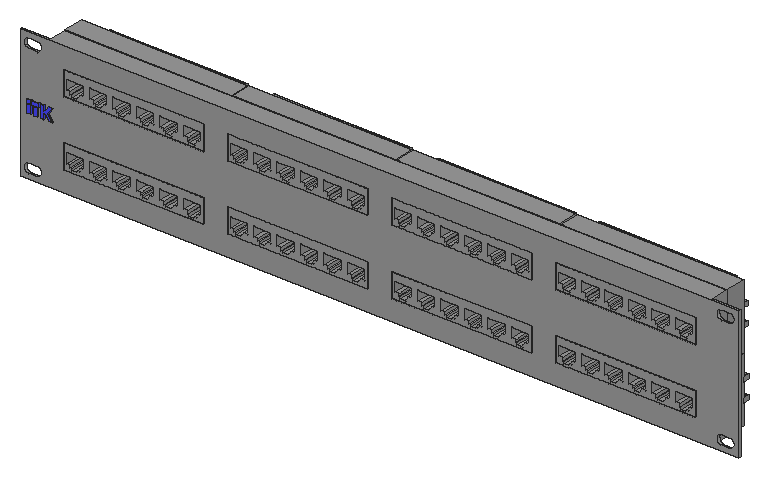
Revit family "ITK_Патч-панель_19-дюймовое крепление_2U_категория 6", category Обобщенные модели, Revit 2019
Family settings
  Может служить основой для арматурных стержней = Нет
  Размер круглого соединителя = Использовать диаметр
  Тип детали = Нормальный
  На основе рабочей плоскости = Нет
  Всегда вертикально = Да
  При загрузке вырезать с полостями = Нет
  Общий = Нет
  Точка расчета площади = Нет
Parameters (values of type "PP48-2UC6U-D05")
  Ширина = 482.6 mm
  Материал = Окраска - RAL 9005
  Изготовитель = "ITK"  # constant formula
  Дата изменения = ""
  Глубина = 37.3 mm
  Высота = 88 mm
  URL = "https://www.iek.ru/"
  KSI_CPr_Строительные изделия = "27.12.31.61.1.04.09-1090"  # constant formula
  KSI_CMa_Строительные материалы = "10.03.02.06"  # constant formula
  IEK_Цена за единицу = 5314.85
  IEK_Поиск в таблице имен = ""
  IEK_Описание = "Соответствие международным стандартам и ГОСТ Р.\r\nДвойная понятная маркировка IDC-модулей и портов.\r\nРасширенный частотный диапазон работы.\r\nУвеличенное количество циклов включения-отключения.\r\nСовместимы со всеми 19\" шкафами и стойками ITK.\r\nПодходят для кабелей и патч-кордов диаметром 22-26 AWG всех производителей.\r\nПрименимы для сетей ISDN, 10baseT, 100baseT, 1000baseT, EIA RS 232/485, 155 Mbit ATM, Token Ring."
  IEK_URL = "https://www.itk-group.ru/produktsiya/catalog/oborudovanie_telekommunikatsionnoe/komponenty_sks_mednye/patch_paneli/patch_paneli_kat_6/patch_paneli_kat_6_neekranirovannye_utp/itk_2u_patch_panel_kat_6_utp_48_portov_dual"
  ADSK_Примечание = ""
  ADSK_Позиция [instance] = ""
  ADSK_Наименование = "ITK 2U патч-панель кат.6 UTP, 48 портов (Dual)"
  ADSK_Материал обозначение = ""
  ADSK_Материал наименование = "Металл и АБС-пластик"  # constant formula
  ADSK_Масса = 1.7
  ADSK_Марка = ""  # constant formula
  ADSK_Код изделия = "PP48-2UC6U-D05"
  ADSK_Завод-изготовитель = "IEK"  # constant formula
  ADSK_Единица измерения = "шт"  # constant formula
  ADSK_Группирование = "I. ЩИТЫ И ПУЛЬТЫ"  # constant formula
  ADSK_Версия семейства = "1.0"  # constant formula
  ADSK_Версия Revit = "2019"  # constant formula
  ADSK_URL страницы изделия = "https://www.itk-group.ru/produktsiya/catalog/oborudovanie_telekommunikatsionnoe/komponenty_sks_mednye/patch_paneli/patch_paneli_kat_6/patch_paneli_kat_6_neekranirovannye_utp/"
Reference planes
  plane 1 "По центру (Вперед/Назад)": y = 0
  plane 2: z = 0
  plane 3 "По центру (Влево/Вправо)": x = 0
Forms (mm)
  Extrusion 1, solid, material "Окраска - RAL 9005" <- "Материал", detail levels fine
    sketch origin (0, 0, 0) x (1, 0, 0) y (0, 1, 0)
      loop
        line (222, 1.5) -> (222, 27.5) -> (-222, 27.5) -> (-222, 1.5) -> (-241, 1.5) -> (-241, 0) -> (241, 0) -> (241, 1.5) -> (222, 1.5)
    from 88 to 0
  Extrusion 2, void
    sketch origin (0, 0, 0) x (1, 0, 0) y (0, 0, 1)
      loop
        line (-222, 0) -> (222, 0) -> (222, 88) -> (-222, 88) -> (-222, 0)
      loop
        line (221.8, 87.8) -> (-221.8, 87.8) -> (-221.8, 43.8) -> (-221.8, 0.2) -> (221.8, 0.2) -> (221.8, 87.8)
    from -13.5 to -13.7
  Extrusion 3, void
    sketch origin (0, 0, 0) x (1, 0, 0) y (0, 1, 0)
      loop
        line (-110.25, 31.5) -> (-110.25, 13.5) -> (-109.457, 13.5) -> (-109.457, 31.5) -> (-110.25, 31.5)
      loop
        line (-0.25, 31.5) -> (-0.25, 13.5) -> (0.543, 13.5) -> (0.543, 31.5) -> (-0.25, 31.5)
      loop
        line (109.75, 31.5) -> (109.75, 13.5) -> (110.543, 13.5) -> (110.543, 31.5) -> (109.75, 31.5)
    from 88 to 0
  Extrusion 4, solid, material "Окраска - RAL 9005" <- "Материал", detail levels fine
    sketch origin (0, 0, 0) x (0, 1, 0) y (0, 0, 1)
      loop
        line (35.5, 35) -> (37.5, 36.155) -> (37.5, 37.845) -> (35.5, 39) -> (31, 39) -> (31, 40) -> (29.5, 40) -> (28.5, 39) -> (27.5, 40) -> (27.5, 34) -> (28.5, 35) -> (29.5, 34) -> (31, 34) -> (31, 35) -> (35.5, 35)
      loop
        line (35.5, 5) -> (37.5, 6.155) -> (37.5, 7.845) -> (35.5, 9) -> (31, 9) -> (31, 10) -> (29.5, 10) -> (28.5, 9) -> (27.5, 10) -> (27.5, 4) -> (28.5, 5) -> (29.5, 4) -> (31, 4) -> (31, 5) -> (35.5, 5)
      loop
        line (35.5, 79) -> (37.5, 80.155) -> (37.5, 81.845) -> (35.5, 83) -> (31, 83) -> (31, 84) -> (29.5, 84) -> (28.5, 83) -> (27.5, 84) -> (27.5, 78) -> (28.5, 79) -> (29.5, 78) -> (31, 78) -> (31, 79) -> (35.5, 79)
      loop
        line (35.5, 49) -> (37.5, 50.155) -> (37.5, 51.845) -> (35.5, 53) -> (31, 53) -> (31, 54) -> (29.5, 54) -> (28.5, 53) -> (27.5, 54) -> (27.5, 48) -> (28.5, 49) -> (29.5, 48) -> (31, 48) -> (31, 49) -> (35.5, 49)
    from -118.225 to -209.525
  Extrusion 5, solid, material "Окраска - RAL 9005" <- "Материал", detail levels fine
    sketch origin (110, 0, 0) x (0, 1, 0) y (0, 0, 1)
      loop
        line (35.5, 35) -> (37.5, 36.155) -> (37.5, 37.845) -> (35.5, 39) -> (31, 39) -> (31, 40) -> (29.5, 40) -> (28.5, 39) -> (27.5, 40) -> (27.5, 34) -> (28.5, 35) -> (29.5, 34) -> (31, 34) -> (31, 35) -> (35.5, 35)
      loop
        line (35.5, 5) -> (37.5, 6.155) -> (37.5, 7.845) -> (35.5, 9) -> (31, 9) -> (31, 10) -> (29.5, 10) -> (28.5, 9) -> (27.5, 10) -> (27.5, 4) -> (28.5, 5) -> (29.5, 4) -> (31, 4) -> (31, 5) -> (35.5, 5)
    from -118.225 to -209.525
  Extrusion 6, solid, material "Окраска - RAL 9005" <- "Материал", detail levels fine
    sketch origin (220, 0, 0) x (0, 1, 0) y (0, 0, 1)
      loop
        line (35.5, 35) -> (37.5, 36.155) -> (37.5, 37.845) -> (35.5, 39) -> (31, 39) -> (31, 40) -> (29.5, 40) -> (28.5, 39) -> (27.5, 40) -> (27.5, 34) -> (28.5, 35) -> (29.5, 34) -> (31, 34) -> (31, 35) -> (35.5, 35)
      loop
        line (35.5, 5) -> (37.5, 6.155) -> (37.5, 7.845) -> (35.5, 9) -> (31, 9) -> (31, 10) -> (29.5, 10) -> (28.5, 9) -> (27.5, 10) -> (27.5, 4) -> (28.5, 5) -> (29.5, 4) -> (31, 4) -> (31, 5) -> (35.5, 5)
    from -118.225 to -209.525
  Extrusion 7, solid, material "Окраска - RAL 9005" <- "Материал", detail levels fine
    sketch origin (330, 0, 0) x (0, 1, 0) y (0, 0, 1)
      loop
        line (35.5, 35) -> (37.5, 36.155) -> (37.5, 37.845) -> (35.5, 39) -> (31, 39) -> (31, 40) -> (29.5, 40) -> (28.5, 39) -> (27.5, 40) -> (27.5, 34) -> (28.5, 35) -> (29.5, 34) -> (31, 34) -> (31, 35) -> (35.5, 35)
      loop
        line (35.5, 5) -> (37.5, 6.155) -> (37.5, 7.845) -> (35.5, 9) -> (31, 9) -> (31, 10) -> (29.5, 10) -> (28.5, 9) -> (27.5, 10) -> (27.5, 4) -> (28.5, 5) -> (29.5, 4) -> (31, 4) -> (31, 5) -> (35.5, 5)
    from -118.225 to -209.525
  Extrusion 8, solid, material "Окраска - RAL 9005" <- "Материал", detail levels fine
    sketch origin (0, 0, 0) x (0, 1, 0) y (0, 0, 1)
      loop
        line (27.5, 17.25) -> (27.5, 14.25) -> (31.5, 14.25) -> (31.5, 17.25) -> (27.5, 17.25)
      loop
        line (27.5, 26.75) -> (31.5, 26.75) -> (31.5, 29.75) -> (27.5, 29.75) -> (27.5, 26.75)
    from 9.25 to 0.543
  Extrusion 9, solid, material "Окраска - RAL 9005" <- "Материал", detail levels fine
    sketch origin (-9.5, 0, 0) x (0, 1, 0) y (0, 0, 1)
      loop
        line (27.5, 17.25) -> (27.5, 14.25) -> (31.5, 14.25) -> (31.5, 17.25) -> (27.5, 17.25)
      loop
        line (27.5, 26.75) -> (31.5, 26.75) -> (31.5, 29.75) -> (27.5, 29.75) -> (27.5, 26.75)
    from 9.25 to 0.543
  Extrusion 10, solid, material "Окраска - RAL 9005" <- "Материал", detail levels fine
    sketch origin (-110, 0, 0) x (0, 1, 0) y (0, 0, 1)
      loop
        line (27.5, 17.25) -> (27.5, 14.25) -> (31.5, 14.25) -> (31.5, 17.25) -> (27.5, 17.25)
      loop
        line (27.5, 26.75) -> (31.5, 26.75) -> (31.5, 29.75) -> (27.5, 29.75) -> (27.5, 26.75)
    from 9.25 to 0.543
  Extrusion 11, solid, material "Окраска - RAL 9005" <- "Материал", detail levels fine
    sketch origin (-119.5, 0, 0) x (0, 1, 0) y (0, 0, 1)
      loop
        line (27.5, 17.25) -> (27.5, 14.25) -> (31.5, 14.25) -> (31.5, 17.25) -> (27.5, 17.25)
      loop
        line (27.5, 26.75) -> (31.5, 26.75) -> (31.5, 29.75) -> (27.5, 29.75) -> (27.5, 26.75)
    from 9.25 to 0.543
  Extrusion 12, solid, material "Окраска - RAL 9005" <- "Материал", detail levels fine
    sketch origin (-222.25, 0, 0) x (0, 1, 0) y (0, 0, 1)
      loop
        line (27.5, 17.25) -> (27.5, 14.25) -> (31.5, 14.25) -> (31.5, 17.25) -> (27.5, 17.25)
      loop
        line (27.5, 26.75) -> (31.5, 26.75) -> (31.5, 29.75) -> (27.5, 29.75) -> (27.5, 26.75)
      loop
        line (27.5, 61.25) -> (27.5, 58.25) -> (31.5, 58.25) -> (31.5, 61.25) -> (27.5, 61.25)
      loop
        line (27.5, 70.75) -> (31.5, 70.75) -> (31.5, 73.75) -> (27.5, 73.75) -> (27.5, 70.75)
    from 9.25 to 0.543
  Extrusion 13, solid, material "Окраска - RAL 9005" <- "Материал", detail levels fine
    sketch origin (110, 0, 0) x (0, 1, 0) y (0, 0, 1)
      loop
        line (27.5, 17.25) -> (27.5, 14.25) -> (31.5, 14.25) -> (31.5, 17.25) -> (27.5, 17.25)
      loop
        line (27.5, 26.75) -> (31.5, 26.75) -> (31.5, 29.75) -> (27.5, 29.75) -> (27.5, 26.75)
    from 9.25 to 0.543
  Extrusion 14, solid, material "Окраска - RAL 9005" <- "Материал", detail levels fine
    sketch origin (100.5, 0, 0) x (0, 1, 0) y (0, 0, 1)
      loop
        line (27.5, 17.25) -> (27.5, 14.25) -> (31.5, 14.25) -> (31.5, 17.25) -> (27.5, 17.25)
      loop
        line (27.5, 26.75) -> (31.5, 26.75) -> (31.5, 29.75) -> (27.5, 29.75) -> (27.5, 26.75)
    from 9.25 to 0.543
  Extrusion 15, solid, material "Окраска - RAL 9005" <- "Материал", detail levels fine
    sketch origin (212.75, 0, 0) x (0, 1, 0) y (0, 0, 1)
      loop
        line (27.5, 17.25) -> (27.5, 14.25) -> (31.5, 14.25) -> (31.5, 17.25) -> (27.5, 17.25)
      loop
        line (27.5, 26.75) -> (31.5, 26.75) -> (31.5, 29.75) -> (27.5, 29.75) -> (27.5, 26.75)
    from 9.25 to 0.543
  Extrusion 16, void
    sketch origin (0, 0, 0) x (1, 0, 0) y (0, 0, 1)
      loop
        line (-118.2, 30.05) -> (-211.8, 30.05) -> (-211.8, 13.95) -> (-118.2, 13.95) -> (-118.2, 30.05)
      loop
        line (-212, 30.25) -> (-212, 13.75) -> (-118, 13.75) -> (-118, 30.25) -> (-212, 30.25)
      loop
        arc (-234.65, 9.85) -> (-238, 6.5) -> (-234.65, 3.15) r 3.35
        line (-234.65, 3.15) -> (-229.85, 3.15)
        arc (-229.85, 3.15) -> (-227.481, 4.131) -> (-226.5, 6.5) r 3.35
        arc (-226.5, 6.5) -> (-227.481, 8.869) -> (-229.85, 9.85) r 3.35
        line (-229.85, 9.85) -> (-234.65, 9.85)
      loop
        line (-8.2, 30.05) -> (-101.8, 30.05) -> (-101.8, 13.95) -> (-8.2, 13.95) -> (-8.2, 30.05)
      loop
        line (-102, 30.25) -> (-102, 13.75) -> (-8, 13.75) -> (-8, 30.25) -> (-102, 30.25)
      loop
        line (8, 30.25) -> (8, 13.75) -> (102, 13.75) -> (102, 30.25) -> (8, 30.25)
      loop
        line (101.8, 30.05) -> (8.2, 30.05) -> (8.2, 13.95) -> (101.8, 13.95) -> (101.8, 30.05)
      loop
        line (211.8, 30.05) -> (118.2, 30.05) -> (118.2, 13.95) -> (211.8, 13.95) -> (211.8, 30.05)
      loop
        line (118, 30.25) -> (118, 13.75) -> (212, 13.75) -> (212, 30.25) -> (118, 30.25)
      loop
        arc (229.85, 9.85) -> (226.5, 6.5) -> (229.85, 3.15) r 3.35
        line (229.85, 3.15) -> (234.65, 3.15)
        arc (234.65, 3.15) -> (237.019, 4.131) -> (238, 6.5) r 3.35
        arc (238, 6.5) -> (237.019, 8.869) -> (234.65, 9.85) r 3.35
        line (234.65, 9.85) -> (229.85, 9.85)
      loop
        line (-118.2, 74.05) -> (-211.8, 74.05) -> (-211.8, 57.95) -> (-118.2, 57.95) -> (-118.2, 74.05)
      loop
        line (-212, 74.25) -> (-212, 57.75) -> (-118, 57.75) -> (-118, 74.25) -> (-212, 74.25)
      loop
        line (-8.2, 74.05) -> (-101.8, 74.05) -> (-101.8, 57.95) -> (-8.2, 57.95) -> (-8.2, 74.05)
      loop
        line (-102, 74.25) -> (-102, 57.75) -> (-8, 57.75) -> (-8, 74.25) -> (-102, 74.25)
      loop
        line (8, 74.25) -> (8, 57.75) -> (102, 57.75) -> (102, 74.25) -> (8, 74.25)
      loop
        line (101.8, 74.05) -> (8.2, 74.05) -> (8.2, 57.95) -> (101.8, 57.95) -> (101.8, 74.05)
      loop
        line (211.8, 74.05) -> (118.2, 74.05) -> (118.2, 57.95) -> (211.8, 57.95) -> (211.8, 74.05)
      loop
        line (118, 74.25) -> (118, 57.75) -> (212, 57.75) -> (212, 74.25) -> (118, 74.25)
      loop
        line (-234.65, 78.15) -> (-229.85, 78.15)
        arc (-229.85, 78.15) -> (-227.481, 79.131) -> (-226.5, 81.5) r 3.35
        arc (-226.5, 81.5) -> (-227.481, 83.869) -> (-229.85, 84.85) r 3.35
        line (-229.85, 84.85) -> (-234.65, 84.85)
        arc (-234.65, 84.85) -> (-238, 81.5) -> (-234.65, 78.15) r 3.35
      loop
        line (229.85, 78.15) -> (234.65, 78.15)
        arc (234.65, 78.15) -> (237.019, 79.131) -> (238, 81.5) r 3.35
        arc (238, 81.5) -> (237.019, 83.869) -> (234.65, 84.85) r 3.35
        line (234.65, 84.85) -> (229.85, 84.85)
        arc (229.85, 84.85) -> (226.5, 81.5) -> (229.85, 78.15) r 3.35
    from -2 to 0
  Extrusion 17, void
    sketch origin (0, 0, 0) x (1, 0, 0) y (0, 0, 1)
      loop
        line (-198.4, 18.25) -> (-198.4, 25.05) -> (-210.1, 25.05) -> (-210.1, 18.25) -> (-207.5, 18.25) -> (-207.5, 16.55) -> (-206.25, 16.55) -> (-206.25, 15.25) -> (-202.25, 15.25) -> (-202.25, 16.55) -> (-201, 16.55) -> (-201, 18.25) -> (-198.4, 18.25)
      loop
        line (-182.7, 25.05) -> (-194.4, 25.05) -> (-194.4, 18.25) -> (-191.8, 18.25) -> (-191.8, 16.55) -> (-190.55, 16.55) -> (-190.55, 15.25) -> (-186.55, 15.25) -> (-186.55, 16.55) -> (-185.3, 16.55) -> (-185.3, 18.25) -> (-182.7, 18.25) -> (-182.7, 25.05)
      loop
        line (-167, 25.05) -> (-178.7, 25.05) -> (-178.7, 18.25) -> (-176.1, 18.25) -> (-176.1, 16.55) -> (-174.85, 16.55) -> (-174.85, 15.25) -> (-170.85, 15.25) -> (-170.85, 16.55) -> (-169.6, 16.55) -> (-169.6, 18.25) -> (-167, 18.25) -> (-167, 25.05)
      loop
        line (-151.3, 25.05) -> (-163, 25.05) -> (-163, 18.25) -> (-160.4, 18.25) -> (-160.4, 16.55) -> (-159.15, 16.55) -> (-159.15, 15.25) -> (-155.15, 15.25) -> (-155.15, 16.55) -> (-153.9, 16.55) -> (-153.9, 18.25) -> (-151.3, 18.25) -> (-151.3, 25.05)
      loop
        line (-135.6, 25.05) -> (-147.3, 25.05) -> (-147.3, 18.25) -> (-144.7, 18.25) -> (-144.7, 16.55) -> (-143.45, 16.55) -> (-143.45, 15.25) -> (-139.45, 15.25) -> (-139.45, 16.55) -> (-138.2, 16.55) -> (-138.2, 18.25) -> (-135.6, 18.25) -> (-135.6, 25.05)
      loop
        line (-131.6, 25.05) -> (-131.6, 18.25) -> (-129, 18.25) -> (-129, 16.55) -> (-127.75, 16.55) -> (-127.75, 15.25) -> (-123.75, 15.25) -> (-123.75, 16.55) -> (-122.5, 16.55) -> (-122.5, 18.25) -> (-119.9, 18.25) -> (-119.9, 25.05) -> (-131.6, 25.05)
      loop
        line (-88.4, 25.05) -> (-100.1, 25.05) -> (-100.1, 18.25) -> (-97.5, 18.25) -> (-97.5, 16.55) -> (-96.25, 16.55) -> (-96.25, 15.25) -> (-92.25, 15.25) -> (-92.25, 16.55) -> (-91, 16.55) -> (-91, 18.25) -> (-88.4, 18.25) -> (-88.4, 25.05)
      loop
        line (-84.4, 25.05) -> (-84.4, 18.25) -> (-81.8, 18.25) -> (-81.8, 16.55) -> (-80.55, 16.55) -> (-80.55, 15.25) -> (-76.55, 15.25) -> (-76.55, 16.55) -> (-75.3, 16.55) -> (-75.3, 18.25) -> (-72.7, 18.25) -> (-72.7, 25.05) -> (-84.4, 25.05)
      loop
        line (-68.7, 25.05) -> (-68.7, 18.25) -> (-66.1, 18.25) -> (-66.1, 16.55) -> (-64.85, 16.55) -> (-64.85, 15.25) -> (-60.85, 15.25) -> (-60.85, 16.55) -> (-59.6, 16.55) -> (-59.6, 18.25) -> (-57, 18.25) -> (-57, 25.05) -> (-68.7, 25.05)
      loop
        line (-53, 25.05) -> (-53, 18.25) -> (-50.4, 18.25) -> (-50.4, 16.55) -> (-49.15, 16.55) -> (-49.15, 15.25) -> (-45.15, 15.25) -> (-45.15, 16.55) -> (-43.9, 16.55) -> (-43.9, 18.25) -> (-41.3, 18.25) -> (-41.3, 25.05) -> (-53, 25.05)
      loop
        line (-21.6, 25.05) -> (-21.6, 18.25) -> (-19, 18.25) -> (-19, 16.55) -> (-17.75, 16.55) -> (-17.75, 15.25) -> (-13.75, 15.25) -> (-13.75, 16.55) -> (-12.5, 16.55) -> (-12.5, 18.25) -> (-9.9, 18.25) -> (-9.9, 25.05) -> (-21.6, 25.05)
      loop
        line (-37.3, 25.05) -> (-37.3, 18.25) -> (-34.7, 18.25) -> (-34.7, 16.55) -> (-33.45, 16.55) -> (-33.45, 15.25) -> (-29.45, 15.25) -> (-29.45, 16.55) -> (-28.2, 16.55) -> (-28.2, 18.25) -> (-25.6, 18.25) -> (-25.6, 25.05) -> (-37.3, 25.05)
      loop
        line (9.9, 25.05) -> (9.9, 18.25) -> (12.5, 18.25) -> (12.5, 16.55) -> (13.75, 16.55) -> (13.75, 15.25) -> (17.75, 15.25) -> (17.75, 16.55) -> (19, 16.55) -> (19, 18.25) -> (21.6, 18.25) -> (21.6, 25.05) -> (9.9, 25.05)
      loop
        line (25.6, 25.05) -> (25.6, 18.25) -> (28.2, 18.25) -> (28.2, 16.55) -> (29.45, 16.55) -> (29.45, 15.25) -> (33.45, 15.25) -> (33.45, 16.55) -> (34.7, 16.55) -> (34.7, 18.25) -> (37.3, 18.25) -> (37.3, 25.05) -> (25.6, 25.05)
      loop
        line (41.3, 25.05) -> (41.3, 18.25) -> (43.9, 18.25) -> (43.9, 16.55) -> (45.15, 16.55) -> (45.15, 15.25) -> (49.15, 15.25) -> (49.15, 16.55) -> (50.4, 16.55) -> (50.4, 18.25) -> (53, 18.25) -> (53, 25.05) -> (41.3, 25.05)
      loop
        line (57, 25.05) -> (57, 18.25) -> (59.6, 18.25) -> (59.6, 16.55) -> (60.85, 16.55) -> (60.85, 15.25) -> (64.85, 15.25) -> (64.85, 16.55) -> (66.1, 16.55) -> (66.1, 18.25) -> (68.7, 18.25) -> (68.7, 25.05) -> (57, 25.05)
      loop
        line (72.7, 25.05) -> (72.7, 18.25) -> (75.3, 18.25) -> (75.3, 16.55) -> (76.55, 16.55) -> (76.55, 15.25) -> (80.55, 15.25) -> (80.55, 16.55) -> (81.8, 16.55) -> (81.8, 18.25) -> (84.4, 18.25) -> (84.4, 25.05) -> (72.7, 25.05)
      loop
        line (88.4, 25.05) -> (88.4, 18.25) -> (91, 18.25) -> (91, 16.55) -> (92.25, 16.55) -> (92.25, 15.25) -> (96.25, 15.25) -> (96.25, 16.55) -> (97.5, 16.55) -> (97.5, 18.25) -> (100.1, 18.25) -> (100.1, 25.05) -> (88.4, 25.05)
      loop
        line (119.9, 25.05) -> (119.9, 18.25) -> (122.5, 18.25) -> (122.5, 16.55) -> (123.75, 16.55) -> (123.75, 15.25) -> (127.75, 15.25) -> (127.75, 16.55) -> (129, 16.55) -> (129, 18.25) -> (131.6, 18.25) -> (131.6, 25.05) -> (119.9, 25.05)
      loop
        line (135.6, 25.05) -> (135.6, 18.25) -> (138.2, 18.25) -> (138.2, 16.55) -> (139.45, 16.55) -> (139.45, 15.25) -> (143.45, 15.25) -> (143.45, 16.55) -> (144.7, 16.55) -> (144.7, 18.25) -> (147.3, 18.25) -> (147.3, 25.05) -> (135.6, 25.05)
      loop
        line (151.3, 25.05) -> (151.3, 18.25) -> (153.9, 18.25) -> (153.9, 16.55) -> (155.15, 16.55) -> (155.15, 15.25) -> (159.15, 15.25) -> (159.15, 16.55) -> (160.4, 16.55) -> (160.4, 18.25) -> (163, 18.25) -> (163, 25.05) -> (151.3, 25.05)
      loop
        line (167, 25.05) -> (167, 18.25) -> (169.6, 18.25) -> (169.6, 16.55) -> (170.85, 16.55) -> (170.85, 15.25) -> (174.85, 15.25) -> (174.85, 16.55) -> (176.1, 16.55) -> (176.1, 18.25) -> (178.7, 18.25) -> (178.7, 25.05) -> (167, 25.05)
      loop
        line (182.7, 25.05) -> (182.7, 18.25) -> (185.3, 18.25) -> (185.3, 16.55) -> (186.55, 16.55) -> (186.55, 15.25) -> (190.55, 15.25) -> (190.55, 16.55) -> (191.8, 16.55) -> (191.8, 18.25) -> (194.4, 18.25) -> (194.4, 25.05) -> (182.7, 25.05)
      loop
        line (198.4, 25.05) -> (198.4, 18.25) -> (201, 18.25) -> (201, 16.55) -> (202.25, 16.55) -> (202.25, 15.25) -> (206.25, 15.25) -> (206.25, 16.55) -> (207.5, 16.55) -> (207.5, 18.25) -> (210.1, 18.25) -> (210.1, 25.05) -> (198.4, 25.05)
      loop
        line (-198.4, 62.25) -> (-198.4, 69.05) -> (-210.1, 69.05) -> (-210.1, 62.25) -> (-207.5, 62.25) -> (-207.5, 60.55) -> (-206.25, 60.55) -> (-206.25, 59.25) -> (-202.25, 59.25) -> (-202.25, 60.55) -> (-201, 60.55) -> (-201, 62.25) -> (-198.4, 62.25)
      loop
        line (-182.7, 69.05) -> (-194.4, 69.05) -> (-194.4, 62.25) -> (-191.8, 62.25) -> (-191.8, 60.55) -> (-190.55, 60.55) -> (-190.55, 59.25) -> (-186.55, 59.25) -> (-186.55, 60.55) -> (-185.3, 60.55) -> (-185.3, 62.25) -> (-182.7, 62.25) -> (-182.7, 69.05)
      loop
        line (-167, 69.05) -> (-178.7, 69.05) -> (-178.7, 62.25) -> (-176.1, 62.25) -> (-176.1, 60.55) -> (-174.85, 60.55) -> (-174.85, 59.25) -> (-170.85, 59.25) -> (-170.85, 60.55) -> (-169.6, 60.55) -> (-169.6, 62.25) -> (-167, 62.25) -> (-167, 69.05)
      loop
        line (-151.3, 69.05) -> (-163, 69.05) -> (-163, 62.25) -> (-160.4, 62.25) -> (-160.4, 60.55) -> (-159.15, 60.55) -> (-159.15, 59.25) -> (-155.15, 59.25) -> (-155.15, 60.55) -> (-153.9, 60.55) -> (-153.9, 62.25) -> (-151.3, 62.25) -> (-151.3, 69.05)
      loop
        line (-135.6, 69.05) -> (-147.3, 69.05) -> (-147.3, 62.25) -> (-144.7, 62.25) -> (-144.7, 60.55) -> (-143.45, 60.55) -> (-143.45, 59.25) -> (-139.45, 59.25) -> (-139.45, 60.55) -> (-138.2, 60.55) -> (-138.2, 62.25) -> (-135.6, 62.25) -> (-135.6, 69.05)
      loop
        line (-131.6, 69.05) -> (-131.6, 62.25) -> (-129, 62.25) -> (-129, 60.55) -> (-127.75, 60.55) -> (-127.75, 59.25) -> (-123.75, 59.25) -> (-123.75, 60.55) -> (-122.5, 60.55) -> (-122.5, 62.25) -> (-119.9, 62.25) -> (-119.9, 69.05) -> (-131.6, 69.05)
      loop
        line (-88.4, 69.05) -> (-100.1, 69.05) -> (-100.1, 62.25) -> (-97.5, 62.25) -> (-97.5, 60.55) -> (-96.25, 60.55) -> (-96.25, 59.25) -> (-92.25, 59.25) -> (-92.25, 60.55) -> (-91, 60.55) -> (-91, 62.25) -> (-88.4, 62.25) -> (-88.4, 69.05)
      loop
        line (-84.4, 69.05) -> (-84.4, 62.25) -> (-81.8, 62.25) -> (-81.8, 60.55) -> (-80.55, 60.55) -> (-80.55, 59.25) -> (-76.55, 59.25) -> (-76.55, 60.55) -> (-75.3, 60.55) -> (-75.3, 62.25) -> (-72.7, 62.25) -> (-72.7, 69.05) -> (-84.4, 69.05)
      loop
        line (-68.7, 69.05) -> (-68.7, 62.25) -> (-66.1, 62.25) -> (-66.1, 60.55) -> (-64.85, 60.55) -> (-64.85, 59.25) -> (-60.85, 59.25) -> (-60.85, 60.55) -> (-59.6, 60.55) -> (-59.6, 62.25) -> (-57, 62.25) -> (-57, 69.05) -> (-68.7, 69.05)
      loop
        line (-53, 69.05) -> (-53, 62.25) -> (-50.4, 62.25) -> (-50.4, 60.55) -> (-49.15, 60.55) -> (-49.15, 59.25) -> (-45.15, 59.25) -> (-45.15, 60.55) -> (-43.9, 60.55) -> (-43.9, 62.25) -> (-41.3, 62.25) -> (-41.3, 69.05) -> (-53, 69.05)
      loop
        line (-21.6, 69.05) -> (-21.6, 62.25) -> (-19, 62.25) -> (-19, 60.55) -> (-17.75, 60.55) -> (-17.75, 59.25) -> (-13.75, 59.25) -> (-13.75, 60.55) -> (-12.5, 60.55) -> (-12.5, 62.25) -> (-9.9, 62.25) -> (-9.9, 69.05) -> (-21.6, 69.05)
      loop
        line (-37.3, 69.05) -> (-37.3, 62.25) -> (-34.7, 62.25) -> (-34.7, 60.55) -> (-33.45, 60.55) -> (-33.45, 59.25) -> (-29.45, 59.25) -> (-29.45, 60.55) -> (-28.2, 60.55) -> (-28.2, 62.25) -> (-25.6, 62.25) -> (-25.6, 69.05) -> (-37.3, 69.05)
      loop
        line (9.9, 69.05) -> (9.9, 62.25) -> (12.5, 62.25) -> (12.5, 60.55) -> (13.75, 60.55) -> (13.75, 59.25) -> (17.75, 59.25) -> (17.75, 60.55) -> (19, 60.55) -> (19, 62.25) -> (21.6, 62.25) -> (21.6, 69.05) -> (9.9, 69.05)
      loop
        line (25.6, 69.05) -> (25.6, 62.25) -> (28.2, 62.25) -> (28.2, 60.55) -> (29.45, 60.55) -> (29.45, 59.25) -> (33.45, 59.25) -> (33.45, 60.55) -> (34.7, 60.55) -> (34.7, 62.25) -> (37.3, 62.25) -> (37.3, 69.05) -> (25.6, 69.05)
      loop
        line (41.3, 69.05) -> (41.3, 62.25) -> (43.9, 62.25) -> (43.9, 60.55) -> (45.15, 60.55) -> (45.15, 59.25) -> (49.15, 59.25) -> (49.15, 60.55) -> (50.4, 60.55) -> (50.4, 62.25) -> (53, 62.25) -> (53, 69.05) -> (41.3, 69.05)
      loop
        line (57, 69.05) -> (57, 62.25) -> (59.6, 62.25) -> (59.6, 60.55) -> (60.85, 60.55) -> (60.85, 59.25) -> (64.85, 59.25) -> (64.85, 60.55) -> (66.1, 60.55) -> (66.1, 62.25) -> (68.7, 62.25) -> (68.7, 69.05) -> (57, 69.05)
      loop
        line (72.7, 69.05) -> (72.7, 62.25) -> (75.3, 62.25) -> (75.3, 60.55) -> (76.55, 60.55) -> (76.55, 59.25) -> (80.55, 59.25) -> (80.55, 60.55) -> (81.8, 60.55) -> (81.8, 62.25) -> (84.4, 62.25) -> (84.4, 69.05) -> (72.7, 69.05)
      loop
        line (88.4, 69.05) -> (88.4, 62.25) -> (91, 62.25) -> (91, 60.55) -> (92.25, 60.55) -> (92.25, 59.25) -> (96.25, 59.25) -> (96.25, 60.55) -> (97.5, 60.55) -> (97.5, 62.25) -> (100.1, 62.25) -> (100.1, 69.05) -> (88.4, 69.05)
      loop
        line (119.9, 69.05) -> (119.9, 62.25) -> (122.5, 62.25) -> (122.5, 60.55) -> (123.75, 60.55) -> (123.75, 59.25) -> (127.75, 59.25) -> (127.75, 60.55) -> (129, 60.55) -> (129, 62.25) -> (131.6, 62.25) -> (131.6, 69.05) -> (119.9, 69.05)
      loop
        line (135.6, 69.05) -> (135.6, 62.25) -> (138.2, 62.25) -> (138.2, 60.55) -> (139.45, 60.55) -> (139.45, 59.25) -> (143.45, 59.25) -> (143.45, 60.55) -> (144.7, 60.55) -> (144.7, 62.25) -> (147.3, 62.25) -> (147.3, 69.05) -> (135.6, 69.05)
      loop
        line (151.3, 69.05) -> (151.3, 62.25) -> (153.9, 62.25) -> (153.9, 60.55) -> (155.15, 60.55) -> (155.15, 59.25) -> (159.15, 59.25) -> (159.15, 60.55) -> (160.4, 60.55) -> (160.4, 62.25) -> (163, 62.25) -> (163, 69.05) -> (151.3, 69.05)
      loop
        line (167, 69.05) -> (167, 62.25) -> (169.6, 62.25) -> (169.6, 60.55) -> (170.85, 60.55) -> (170.85, 59.25) -> (174.85, 59.25) -> (174.85, 60.55) -> (176.1, 60.55) -> (176.1, 62.25) -> (178.7, 62.25) -> (178.7, 69.05) -> (167, 69.05)
      loop
        line (182.7, 69.05) -> (182.7, 62.25) -> (185.3, 62.25) -> (185.3, 60.55) -> (186.55, 60.55) -> (186.55, 59.25) -> (190.55, 59.25) -> (190.55, 60.55) -> (191.8, 60.55) -> (191.8, 62.25) -> (194.4, 62.25) -> (194.4, 69.05) -> (182.7, 69.05)
      loop
        line (198.4, 69.05) -> (198.4, 62.25) -> (201, 62.25) -> (201, 60.55) -> (202.25, 60.55) -> (202.25, 59.25) -> (206.25, 59.25) -> (206.25, 60.55) -> (207.5, 60.55) -> (207.5, 62.25) -> (210.1, 62.25) -> (210.1, 69.05) -> (198.4, 69.05)
    from -20 to 0
  Extrusion 18, solid, detail levels coarse+medium
    sketch origin (0, 0, 0) x (1, 0, 0) y (0, 1, 0)
      loop
        line (-241, 0) -> (241, 0) -> (241, 37.5) -> (-241, 37.5) -> (-241, 0)
    from 88 <- "Высота" to 0
  Extrusion 19, solid, material "Пластик белый", detail levels fine
    sketch origin (-228.299, 0, 39.843) x (1, 0, 0) y (0, 0, 1)
      loop
        line (-7.624, 5.29) -> (-7.624, 0) -> (-5.312, 0) -> (-5.312, 5.29) -> (-7.624, 5.29)
      loop
        line (-0.808, 5.29) -> (-2.986, 5.29) -> (-2.986, 0) -> (-0.808, 0) -> (-0.808, 5.29)
      loop
        line (-7.624, 6.027) -> (-5.312, 6.027) -> (-5.312, 8.272) -> (-7.624, 8.272) -> (-7.624, 6.027)
      loop
        line (1.567, 8.272) -> (1.567, 0) -> (3.747, 0) -> (3.747, 3.101) -> (4.58, 3.101) -> (6.594, 0) -> (9.251, 0) -> (6.241, 4.142) -> (9.251, 8.272) -> (6.594, 8.272) -> (4.58, 5.17) -> (3.747, 5.17) -> (3.747, 8.272) -> (1.567, 8.272)
      loop
        line (-4.24, 6.027) -> (0.447, 6.027) -> (0.447, 8.272) -> (-4.24, 8.272) -> (-4.24, 6.027)
    from 0 to 0.554
  Extrusion 20, solid, material "Окраска - RAL 9005" <- "Материал", detail levels fine
    sketch origin (0, 0, 0) x (0, 1, 0) y (0, 0, -1)
      loop
        line (35.5, -35) -> (31, -35) -> (31, -34) -> (29.5, -34) -> (28.5, -35) -> (27.5, -34) -> (27.5, -40) -> (28.5, -39) -> (29.5, -40) -> (31, -40) -> (31, -39) -> (35.5, -39) -> (37.5, -37.845) -> (37.5, -36.155) -> (35.5, -35)
      loop
        line (35.5, -5) -> (31, -5) -> (31, -4) -> (29.5, -4) -> (28.5, -5) -> (27.5, -4) -> (27.5, -10) -> (28.5, -9) -> (29.5, -10) -> (31, -10) -> (31, -9) -> (35.5, -9) -> (37.5, -7.845) -> (37.5, -6.155) -> (35.5, -5)
      loop
        line (35.5, -79) -> (31, -79) -> (31, -78) -> (29.5, -78) -> (28.5, -79) -> (27.5, -78) -> (27.5, -84) -> (28.5, -83) -> (29.5, -84) -> (31, -84) -> (31, -83) -> (35.5, -83) -> (37.5, -81.845) -> (37.5, -80.155) -> (35.5, -79)
      loop
        line (35.5, -49) -> (31, -49) -> (31, -48) -> (29.5, -48) -> (28.5, -49) -> (27.5, -48) -> (27.5, -54) -> (28.5, -53) -> (29.5, -54) -> (31, -54) -> (31, -53) -> (35.5, -53) -> (37.5, -51.845) -> (37.5, -50.155) -> (35.5, -49)
    from -118.225 to -209.525
  Extrusion 21, solid, material "Окраска - RAL 9005" <- "Материал", detail levels fine
    sketch origin (-107.75, 0, 0) x (0, 1, 0) y (0, 0, -1)
      loop
        line (35.5, -35) -> (31, -35) -> (31, -34) -> (29.5, -34) -> (28.5, -35) -> (27.5, -34) -> (27.5, -40) -> (28.5, -39) -> (29.5, -40) -> (31, -40) -> (31, -39) -> (35.5, -39) -> (37.5, -37.845) -> (37.5, -36.155) -> (35.5, -35)
      loop
        line (35.5, -5) -> (31, -5) -> (31, -4) -> (29.5, -4) -> (28.5, -5) -> (27.5, -4) -> (27.5, -10) -> (28.5, -9) -> (29.5, -10) -> (31, -10) -> (31, -9) -> (35.5, -9) -> (37.5, -7.845) -> (37.5, -6.155) -> (35.5, -5)
      loop
        line (35.5, -79) -> (31, -79) -> (31, -78) -> (29.5, -78) -> (28.5, -79) -> (27.5, -78) -> (27.5, -84) -> (28.5, -83) -> (29.5, -84) -> (31, -84) -> (31, -83) -> (35.5, -83) -> (37.5, -81.845) -> (37.5, -80.155) -> (35.5, -79)
      loop
        line (35.5, -49) -> (31, -49) -> (31, -48) -> (29.5, -48) -> (28.5, -49) -> (27.5, -48) -> (27.5, -54) -> (28.5, -53) -> (29.5, -54) -> (31, -54) -> (31, -53) -> (35.5, -53) -> (37.5, -51.845) -> (37.5, -50.155) -> (35.5, -49)
    from -118.225 to -209.525
  Extrusion 22, solid, material "Окраска - RAL 9005" <- "Материал", detail levels fine
    sketch origin (-217.75, 0, 0) x (0, 1, 0) y (0, 0, -1)
      loop
        line (35.5, -35) -> (31, -35) -> (31, -34) -> (29.5, -34) -> (28.5, -35) -> (27.5, -34) -> (27.5, -40) -> (28.5, -39) -> (29.5, -40) -> (31, -40) -> (31, -39) -> (35.5, -39) -> (37.5, -37.845) -> (37.5, -36.155) -> (35.5, -35)
      loop
        line (35.5, -5) -> (31, -5) -> (31, -4) -> (29.5, -4) -> (28.5, -5) -> (27.5, -4) -> (27.5, -10) -> (28.5, -9) -> (29.5, -10) -> (31, -10) -> (31, -9) -> (35.5, -9) -> (37.5, -7.845) -> (37.5, -6.155) -> (35.5, -5)
      loop
        line (35.5, -79) -> (31, -79) -> (31, -78) -> (29.5, -78) -> (28.5, -79) -> (27.5, -78) -> (27.5, -84) -> (28.5, -83) -> (29.5, -84) -> (31, -84) -> (31, -83) -> (35.5, -83) -> (37.5, -81.845) -> (37.5, -80.155) -> (35.5, -79)
      loop
        line (35.5, -49) -> (31, -49) -> (31, -48) -> (29.5, -48) -> (28.5, -49) -> (27.5, -48) -> (27.5, -54) -> (28.5, -53) -> (29.5, -54) -> (31, -54) -> (31, -53) -> (35.5, -53) -> (37.5, -51.845) -> (37.5, -50.155) -> (35.5, -49)
    from -118.225 to -209.525
  Extrusion 23, solid, material "Окраска - RAL 9005" <- "Материал", detail levels fine
    sketch origin (-119.793, 0, 0) x (0, 1, 0) y (0, 0, 1)
      loop
        line (27.5, 17.25) -> (27.5, 14.25) -> (31.5, 14.25) -> (31.5, 17.25) -> (27.5, 17.25)
      loop
        line (27.5, 26.75) -> (31.5, 26.75) -> (31.5, 29.75) -> (27.5, 29.75) -> (27.5, 26.75)
      loop
        line (27.5, 61.25) -> (27.5, 58.25) -> (31.5, 58.25) -> (31.5, 61.25) -> (27.5, 61.25)
      loop
        line (27.5, 70.75) -> (31.5, 70.75) -> (31.5, 73.75) -> (27.5, 73.75) -> (27.5, 70.75)
    from 9.25 to 0.543
  Extrusion 24, solid, material "Окраска - RAL 9005" <- "Материал", detail levels fine
    sketch origin (-110.293, 0, 0) x (0, 1, 0) y (0, 0, 1)
      loop
        line (27.5, 17.25) -> (27.5, 14.25) -> (31.5, 14.25) -> (31.5, 17.25) -> (27.5, 17.25)
      loop
        line (27.5, 26.75) -> (31.5, 26.75) -> (31.5, 29.75) -> (27.5, 29.75) -> (27.5, 26.75)
      loop
        line (27.5, 61.25) -> (27.5, 58.25) -> (31.5, 58.25) -> (31.5, 61.25) -> (27.5, 61.25)
      loop
        line (27.5, 70.75) -> (31.5, 70.75) -> (31.5, 73.75) -> (27.5, 73.75) -> (27.5, 70.75)
    from 9.25 to 0.543
  Extrusion 25, solid, material "Окраска - RAL 9005" <- "Материал", detail levels fine
    sketch origin (-9.793, 0, 0) x (0, 1, 0) y (0, 0, 1)
      loop
        line (27.5, 17.25) -> (27.5, 14.25) -> (31.5, 14.25) -> (31.5, 17.25) -> (27.5, 17.25)
      loop
        line (27.5, 26.75) -> (31.5, 26.75) -> (31.5, 29.75) -> (27.5, 29.75) -> (27.5, 26.75)
      loop
        line (27.5, 61.25) -> (27.5, 58.25) -> (31.5, 58.25) -> (31.5, 61.25) -> (27.5, 61.25)
      loop
        line (27.5, 70.75) -> (31.5, 70.75) -> (31.5, 73.75) -> (27.5, 73.75) -> (27.5, 70.75)
    from 9.25 to 0.543
  Extrusion 26, solid, material "Окраска - RAL 9005" <- "Материал", detail levels fine
    sketch origin (-0.293, 0, 0) x (0, 1, 0) y (0, 0, 1)
      loop
        line (27.5, 17.25) -> (27.5, 14.25) -> (31.5, 14.25) -> (31.5, 17.25) -> (27.5, 17.25)
      loop
        line (27.5, 26.75) -> (31.5, 26.75) -> (31.5, 29.75) -> (27.5, 29.75) -> (27.5, 26.75)
      loop
        line (27.5, 61.25) -> (27.5, 58.25) -> (31.5, 58.25) -> (31.5, 61.25) -> (27.5, 61.25)
      loop
        line (27.5, 70.75) -> (31.5, 70.75) -> (31.5, 73.75) -> (27.5, 73.75) -> (27.5, 70.75)
    from 9.25 to 0.543
  Extrusion 27, solid, material "Окраска - RAL 9005" <- "Материал", detail levels fine
    sketch origin (100.207, 0, 0) x (0, 1, 0) y (0, 0, 1)
      loop
        line (27.5, 17.25) -> (27.5, 14.25) -> (31.5, 14.25) -> (31.5, 17.25) -> (27.5, 17.25)
      loop
        line (27.5, 26.75) -> (31.5, 26.75) -> (31.5, 29.75) -> (27.5, 29.75) -> (27.5, 26.75)
      loop
        line (27.5, 61.25) -> (27.5, 58.25) -> (31.5, 58.25) -> (31.5, 61.25) -> (27.5, 61.25)
      loop
        line (27.5, 70.75) -> (31.5, 70.75) -> (31.5, 73.75) -> (27.5, 73.75) -> (27.5, 70.75)
    from 9.25 to 0.543
  Extrusion 28, solid, material "Окраска - RAL 9005" <- "Материал", detail levels fine
    sketch origin (109.707, 0, 0) x (0, 1, 0) y (0, 0, 1)
      loop
        line (27.5, 17.25) -> (27.5, 14.25) -> (31.5, 14.25) -> (31.5, 17.25) -> (27.5, 17.25)
      loop
        line (27.5, 26.75) -> (31.5, 26.75) -> (31.5, 29.75) -> (27.5, 29.75) -> (27.5, 26.75)
      loop
        line (27.5, 61.25) -> (27.5, 58.25) -> (31.5, 58.25) -> (31.5, 61.25) -> (27.5, 61.25)
      loop
        line (27.5, 70.75) -> (31.5, 70.75) -> (31.5, 73.75) -> (27.5, 73.75) -> (27.5, 70.75)
    from 9.25 to 0.543
  Extrusion 29, solid, material "Окраска - RAL 9005" <- "Материал", detail levels fine
    sketch origin (212.457, 0, 0) x (0, 1, 0) y (0, 0, 1)
      loop
        line (27.5, 17.25) -> (27.5, 14.25) -> (31.5, 14.25) -> (31.5, 17.25) -> (27.5, 17.25)
      loop
        line (27.5, 26.75) -> (31.5, 26.75) -> (31.5, 29.75) -> (27.5, 29.75) -> (27.5, 26.75)
      loop
        line (27.5, 61.25) -> (27.5, 58.25) -> (31.5, 58.25) -> (31.5, 61.25) -> (27.5, 61.25)
      loop
        line (27.5, 70.75) -> (31.5, 70.75) -> (31.5, 73.75) -> (27.5, 73.75) -> (27.5, 70.75)
    from 9.25 to 0.543
  Extrusion 30, void
    sketch origin (0, 0, 0) x (0, 1, 0) y (0, 0, 1)
      loop
        line (27.5, 44.405) -> (1.5, 44.405) -> (1.5, 43.595) -> (27.5, 43.595) -> (27.5, 44.405)
    from 226.124 to -227.468
Cuts and joins
  Extrusion 2, Extrusion 3, Extrusion 16, Extrusion 17, Extrusion 30 cuts Extrusion 1
  Extrusion 30 cuts Extrusion 18
Dimensions and locks
  aligned and locked: level to plane 2
  aligned and locked: cut or joined group of Extrusion 1, Extrusion 2, Extrusion 3, Extrusion 16, Extrusion 17, Extrusion 30 to Extrusion 2 sketch curve
  aligned and locked: cut or joined group of Extrusion 18, Extrusion 30 to cut or joined group of Extrusion 1, Extrusion 2, Extrusion 3, Extrusion 16, Extrusion 17, Extrusion 30
